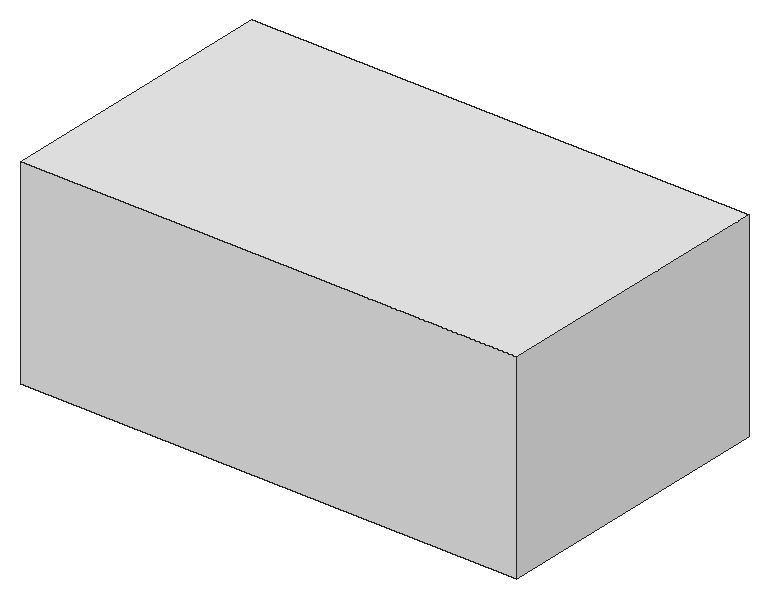
Revit family
Parameters (values of type "Half Cover")
  Worksurface Thickness = 1 3/16"  # constant formula
  Worksurface Height = 29"  # constant formula
  Warranty = "www.haworth.com/en-us/Products/Pages/Certifications.aspx"
  URL - Product = "http://www.haworth.com/en-us/Spaces/2011-NeoCon/New-Products/Pages/Reside-Desking.aspx"
  Sustainability Info = "www.haworth.com/en-us/About-Us/Sustainability/Pages/Vision.aspx"
  Support Offset = 23"  # constant formula
  Support Finish = Haworth - Metal - Brushed Aluminum
  Full Cover_Hidden Overhang = no
  Actual Overhang Width = if(Half Cover, 2", if(Full Cover_Hidden Overhang, 0", 5"))  # 2"
  Model = "Reside"
  URL = "www.haworth.com"
  Size = "Verify Final Dim. w/ Haworth"  # constant formula
  Revision Number = "1"  # constant formula
  Standard Depths = "9, 13, 18 in."  # constant formula
  Standard Height = "6 in."  # constant formula
  Min. Depth = 13"  # constant formula
  Max. Depth = 18"  # constant formula
  Manufacturer = "Haworth"  # constant formula
  LEED Data = "http://www2.haworth.com/Promo/Reside-Beside-Belong/LEED-Reside.pdf"
  Half Cover = not(or(Full Cover, Full Cover_Hidden Overhang))  # yes
  Full Cover = no
  Description = "Reside Desk-to-Storage Support"  # constant formula
  Author = "SHAPE Environments, LLC"  # constant formula
  Assembly Code = "E2020200"
  Actual Width = 12"  # constant formula
  Actual Height = Worksurface Height - Worksurface Thickness - Support Offset  # 4 13/16"
  Actual Depth = if(Half Cover, 9", if(Full Cover_Hidden Overhang, 13", 18"))  # 9"
Types (3): name | Full Cover_Hidden Overhang | Actual Overhang Width | Half Cover | Full Cover | Actual Depth
  Half Cover | no | 2" | yes | no | 9"
  Full Cover | no | 5" | no | yes | 18"
  Full Cover_Hidden Overhang | yes | 0" | no | no | 13"
Reference planes (in)
  plane 1 "Bottom": z = 0
  plane 2 "Center L/R": x = 11.875
  plane 3 "Top": z = 27.8125
  plane 4 "Back": y = 7.75845
  plane 5 "Front": y = 0.75845
  plane 6 "Left": x = 5.875
  plane 7 "Right": x = 17.875
  plane 8 "Panel Offset": z = 23
  plane 9 "Worksurface Edge": y = 9.75845
Forms (in)
  Extrusion 1, solid, material "Haworth - Metal - Brushed Aluminum" <- "Support Finish"
    sketch origin (0, 0, 0) x (1, 0, 0) y (0, 1, 0)
      loop
        line (5.875, 7.75845) -> (5.875, 0.75845) -> (17.875, 0.75845) -> (17.875, 7.75845) -> (5.875, 7.75845)
    from 23 to 27.8125
Lines and regions (in)
  symbolic lines, style "Haworth Hidden", detail levels fine
    curve 1: line (5.875, 7.75845, 0) -> (17.875, 7.75845, 0)
    curve 2: line (5.875, 0.75845, 0) -> (5.875, 7.75845, 0)
    curve 3: line (17.875, 0.75845, 0) -> (5.875, 0.75845, 0)
    curve 4: line (17.875, 7.75845, 0) -> (17.875, 0.75845, 0)
Dimensions and locks (in)
  equal spacing: plane 6 "Left", plane 2 "Center L/R", plane 7 "Right"
  "Actual Width": plane 6 "Left" to plane 7 "Right"
  "Support Offset": plane 8 "Panel Offset" to level
  "Actual Height": plane 3 "Top" to plane 8 "Panel Offset"
  "Actual Overhang Width": plane 9 "Worksurface Edge" to plane 4 "Back"
  "Actual Depth": plane 9 "Worksurface Edge" to plane 5 "Front"
  aligned and locked: Extrusion 1 sketch curve to plane 4 "Back"
  aligned and locked: plane 5 "Front" to Extrusion 1 sketch curve
  aligned and locked: Extrusion 1 to plane 6 "Left"
  aligned and locked: plane 7 "Right" to Extrusion 1
  aligned and locked: plane 3 "Top" to Extrusion 1
  aligned and locked: Extrusion 1 to plane 8 "Panel Offset"
  aligned and locked: curve 1 to Extrusion 1  (x2)
  aligned and locked: Extrusion 1 to curve 4
  aligned and locked: curve 4 to Extrusion 1
Automatic sketch dimensions
  Extrusion 1 sketch curve to plane 6 "Left" = 0"
  Extrusion 1 sketch curve to plane 7 "Right" = 0"
